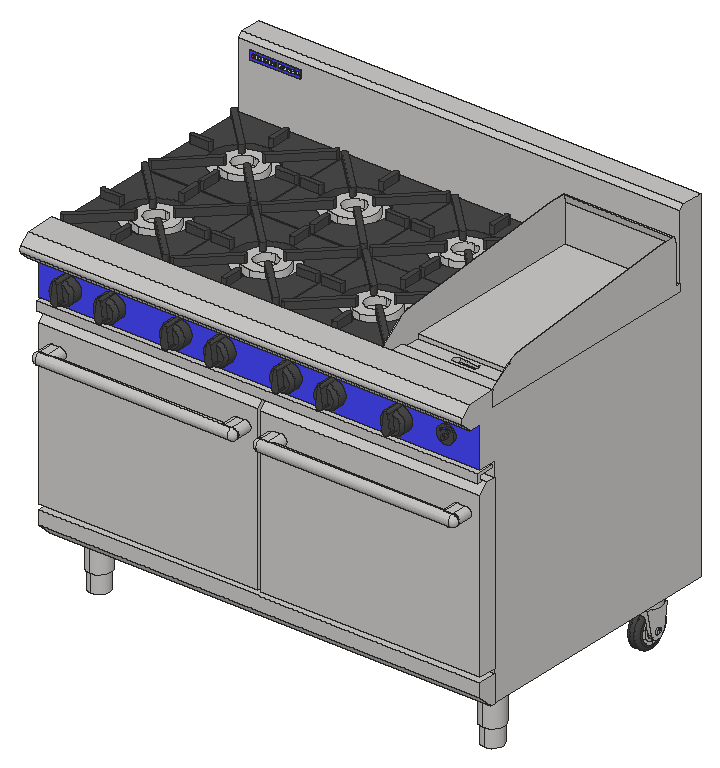
Revit family "QF_MOFFAT_BLUESEAL_CE_G528C", category Specialty Equipment, Revit 2012
Parameters
  Width = 1200 mm
  Weight in Pounds = 664  # constant formula
  URL Cutsheet = "www.moffat.com"
  URL = "www.moffat.com"
  Type Mark [instance] = ""
  Status [instance] = ""
  Specification by User [instance] = ""
  Specification by Manufacturer = ""
  Show Logo [instance] = yes
  Show Clearance [instance] = yes
  Show Casters [instance] = yes
  Serial Number = ""
  Seismic Rating = ""
  SMACNA No = ""
  Revision Code [instance] = ""
  Omniclass Number and Title = ""
  NAFEM Spec ID Number = ""
  Model = "G528C"
  Mechanical Remarks = ""
  Mechanical Connection Type [instance] = ""
  Masterspec = ""
  Manufacturer = "MOFFAT BLUESEAL"
  Legs [instance] = not(Show Casters)  # no
  Item Number [instance] = ""
  Installed By [instance] = ""
  Identify Quantity as Lot [instance] = yes
  Height = 970 mm
  Gas Size = 3/4"
  Gas RI Height [instance] = 0 mm
  Gas KW [instance] = 65.5
  Gas Input [instance] = 223684.0 Btu/h
  Gas Connection Height = 0 mm
  Furnished By [instance] = ""
  Foodservice Equipment Identifier [instance] = yes
  Description = "1200MM GAS RANGE WITH DOUBLE STATIC OVENS"
  Depth = 812 mm
  CSI MasterFormat = ""
  CSI Master Format = ""
  Body Finish = QF_Finishes_Stainless Steel
Reference planes
  plane 1 "BACK": y = 0
  plane 2: z = 0
  plane 3 "LEFT": x = 0
  plane 4 "RIGHT": x = 1200
  plane 5 "FRONT": y = -812
  plane 6 "TOP": z = 970
  plane 7 "Center Y": x = 600
  plane 8 "Center X": y = -406
  plane 9: y = -805
  plane 10: y = -32
  plane 11: z = 655
  plane 12: z = 1085
  plane 13: y = -100
  plane 14: y = -625
  plane 15: x = 1134.5
  plane 16: x = 65.5
Forms (mm)
  Extrusion 1, solid, material "QF_Finishes_Stainless Steel" <- "Body Finish"
    sketch origin (0, 0, 0) x (0, 1, 0) y (0, 0, 1)
      loop
        line (0, 150) -> (0, 1085) -> (-57.5, 1085) -> (-70, 1072.5) -> (-70, 875) -> (-705, 875) -> (-705, 915) -> (-783.97, 915) -> (-808.485, 890.485)
        arc (-808.485, 890.485) -> (-811.999, 882) -> (-808.485, 873.515) r 12
        line (-808.485, 873.515) -> (-784.97, 850) -> (-749, 850) -> (-749, 740) -> (-699, 740) -> (-699, 150) -> (0, 150)
      loop
        line (-756, 710) -> (-747.224, 710) -> (-749.613, 726.999) -> (-707.93, 726.999) -> (-707.93, 734.003) -> (-756, 734.003) -> (-756, 710)
      loop
        line (-749, 186) -> (-713, 150) -> (-700, 150) -> (-700, 222.5) -> (-749, 222.5) -> (-749, 186)
    from 0 to 1200
  Extrusion 2, solid, material "QF_Finishes_Stainless Steel"
    sketch origin (0, 0, 0) x (0, 1, 0) y (0, 0, 1)
      loop
        line (-749, 676) -> (-749, 235) -> (-700, 235) -> (-700, 700) -> (-725, 700) -> (-749, 676)
    from 0 to 1200
  Revolve 3, solid, material "QF_Finishes_Stainless Steel" <- "Body Finish"
    sketch origin (1134.5, -696.126, 0) x (0, 1, 0) y (0, 0, -1)
      loop
        line (39.376, -150) -> (71.126, -150) -> (71.126, 0) -> (43.626, 0) -> (43.626, -50) -> (39.376, -50) -> (39.376, -150)
      axis (71.126, -150) -> (71.126, 0)
    angle from 0 to 360
  Revolve 4, solid, material "QF_Finishes_Stainless Steel" <- "Body Finish"
    sketch origin (65.5, -696.126, 0) x (0, 1, 0) y (0, 0, 1)
      loop
        line (39.376, 150) -> (39.376, 50) -> (43.626, 50) -> (43.626, 0) -> (71.126, 0) -> (71.126, 150) -> (39.376, 150)
      axis (71.126, 150) -> (71.126, 0)
    angle from 0 to 360
  Extrusion 5, solid, material "QF_Finishes_Stainless Steel"
    sketch origin (-64.5, 0, 325) x (1, 0, 0) y (0, 1, 0)
      loop
        circle (1134.5, -34) r 10
    from 330 to 374.856
  Revolve 6, solid, material "QF_Finishes_Black"
    sketch origin (90.337, 45.874, -0.078) x (0, 1, 0) y (0, 0, -1)
      loop
        line (-827.874, -829.5) -> (-804.874, -829.5) -> (-804.874, -802) -> (-794.874, -802) -> (-794.874, -797) -> (-838.874, -797) -> (-838.874, -823.651) -> (-827.874, -829.5)
      axis (-838.874, -797) -> (-794.874, -797)
    angle from 0 to 360
  Revolve 7, solid, material "QF_Finishes_Black"
    sketch origin (210.649, 45.874, -0.078) x (0, 1, 0) y (0, 0, -1)
      loop
        line (-827.874, -829.5) -> (-804.874, -829.5) -> (-804.874, -802) -> (-794.874, -802) -> (-794.874, -797) -> (-838.874, -797) -> (-838.874, -823.651) -> (-827.874, -829.5)
      axis (-838.874, -797) -> (-794.874, -797)
    angle from 0 to 360
  Extrusion 8, solid, material "QF_Finishes_Black"
    sketch origin (238.144, 0, -0.078) x (-1, 0, 0) y (0, 0, -1)
      loop
        line (137.724, -786.273) -> (143.145, -829.191)
        arc (143.145, -829.191) -> (148.144, -834.078) -> (153.142, -829.191) r 5
        line (153.142, -829.191) -> (158.631, -785.106)
        arc (158.631, -785.106) -> (147.559, -774.607) -> (137.724, -786.273) r 10.487
    from 759 to 808
  Extrusion 9, void
    sketch origin (0, -756, 676) x (0, 0, 1) y (1, 0, 0)
      loop
        line (24, 595.449) -> (24, 604.551) -> (-453.5, 604.551) -> (-453.5, 595.449) -> (24, 595.449)
    from 0 to 51
  Revolve 10, solid, material "QF_Finishes_Black"
    sketch origin (390.649, 45.874, -0.078) x (0, 1, 0) y (0, 0, -1)
      loop
        line (-827.874, -829.5) -> (-804.874, -829.5) -> (-804.874, -802) -> (-794.874, -802) -> (-794.874, -797) -> (-838.874, -797) -> (-838.874, -823.651) -> (-827.874, -829.5)
      axis (-838.874, -797) -> (-794.874, -797)
    angle from 0 to 360
  Revolve 11, solid, material "QF_Finishes_Black"
    sketch origin (510.625, 45.874, -0.078) x (0, 1, 0) y (0, 0, -1)
      loop
        line (-827.874, -829.5) -> (-804.874, -829.5) -> (-804.874, -802) -> (-794.874, -802) -> (-794.874, -797) -> (-838.874, -797) -> (-838.874, -823.651) -> (-827.874, -829.5)
      axis (-838.874, -797) -> (-794.874, -797)
    angle from 0 to 360
  Revolve 12, solid, material "QF_Finishes_Black"
    sketch origin (690.649, 45.874, -0.078) x (0, 1, 0) y (0, 0, -1)
      loop
        line (-827.874, -829.5) -> (-804.874, -829.5) -> (-804.874, -802) -> (-794.874, -802) -> (-794.874, -797) -> (-838.874, -797) -> (-838.874, -823.651) -> (-827.874, -829.5)
      axis (-838.874, -797) -> (-794.874, -797)
    angle from 0 to 360
  Revolve 13, solid, material "QF_Finishes_Black"
    sketch origin (810.337, 45.874, -0.078) x (0, 1, 0) y (0, 0, -1)
      loop
        line (-827.874, -829.5) -> (-804.874, -829.5) -> (-804.874, -802) -> (-794.874, -802) -> (-794.874, -797) -> (-838.874, -797) -> (-838.874, -823.651) -> (-827.874, -829.5)
      axis (-838.874, -797) -> (-794.874, -797)
    angle from 0 to 360
  Revolve 14, solid, material "QF_Finishes_Black"
    sketch origin (990.649, 45.874, -0.078) x (0, 1, 0) y (0, 0, -1)
      loop
        line (-827.874, -829.5) -> (-804.874, -829.5) -> (-804.874, -802) -> (-794.874, -802) -> (-794.874, -797) -> (-838.874, -797) -> (-838.874, -823.651) -> (-827.874, -829.5)
      axis (-838.874, -797) -> (-794.874, -797)
    angle from 0 to 360
  Extrusion 15, solid, material "QF_Door-Drawer Clearances", visible <- "Show Clearance", detail levels coarse
    sketch origin (762.865, 0, 0) x (0, 1, 0) y (0, 0, 1)
      loop
        arc (-756, 697.347) -> (-1088.232, 559.732) -> (-1225.847, 227.5) r 469.847
        line (-1225.847, 227.5) -> (-756, 227.5) -> (-756, 697.347)
    from -167.415 to -762.865
  Extrusion 16, solid, material "QF_Door-Drawer Clearances", visible <- "Show Clearance", detail levels coarse
    sketch origin (437.135, 0, 0) x (0, 1, 0) y (0, 0, -1)
      loop
        line (-756, -697.347) -> (-756, -227.5) -> (-1225.847, -227.5)
        arc (-1225.847, -227.5) -> (-1088.232, -559.732) -> (-756, -697.347) r 469.847
    from -167.415 to -762.865
  Extrusion 17, void
    sketch origin (0, 0, 150) x (-1, 0, 0) y (0, -1, 0)
      loop
        line (-1133.988, 87.26) -> (-1133.988, -30.24) -> (-1004.488, -30.24) -> (-1004.488, 38.76) -> (-1052.988, 87.26) -> (-1133.988, 87.26)
    from 72.5 to 549.856
  Extrusion 18, solid, material "QF_Finishes_Stainless Steel"
    sketch origin (0, -749, 227.5) x (0, 0, 1) y (-1, 0, 0)
      loop
        line (380.625, -38.246) -> (380.625, -58.528)
        arc (380.625, -58.528) -> (395.625, -73.528) -> (410.625, -58.528) r 15
        line (410.625, -58.528) -> (410.625, -38.246)
        arc (410.625, -38.246) -> (395.625, -23.246) -> (380.625, -38.246) r 15
      loop
        arc (380.625, -560.539) -> (395.625, -575.539) -> (410.625, -560.539) r 15
        line (410.625, -560.539) -> (410.625, -540.257)
        arc (410.625, -540.257) -> (395.625, -525.257) -> (380.625, -540.257) r 15
        line (380.625, -540.257) -> (380.625, -560.539)
    from 0 to 44
  Revolve 19, solid, material "QF_Finishes_Stainless Steel"
    sketch origin (0, -793, 0) x (1, 0, 0) y (0, 0, 1)
      loop
        arc (575.852, 623.125) -> (571.458, 633.732) -> (560.852, 638.125) r 15
        line (560.852, 638.125) -> (38.246, 638.125)
        arc (38.246, 638.125) -> (27.64, 633.732) -> (23.246, 623.125) r 15
        line (23.246, 623.125) -> (575.852, 623.125)
      axis (575.852, 623.125) -> (23.246, 623.125)
    angle from 0 to 360
  Extrusion 20, solid, material "QF_Finishes_Stainless Steel"
    sketch origin (600, -749, 227.5) x (0, 0, 1) y (-1, 0, 0)
      loop
        line (380.625, -38.246) -> (380.625, -58.528)
        arc (380.625, -58.528) -> (395.625, -73.528) -> (410.625, -58.528) r 15
        line (410.625, -58.528) -> (410.625, -38.246)
        arc (410.625, -38.246) -> (395.625, -23.246) -> (380.625, -38.246) r 15
      loop
        arc (380.625, -560.539) -> (395.625, -575.539) -> (410.625, -560.539) r 15
        line (410.625, -560.539) -> (410.625, -540.257)
        arc (410.625, -540.257) -> (395.625, -525.257) -> (380.625, -540.257) r 15
        line (380.625, -540.257) -> (380.625, -560.539)
    from 0 to 44
  Revolve 21, solid, material "QF_Finishes_Stainless Steel"
    sketch origin (600, -793, 0) x (1, 0, 0) y (0, 0, 1)
      loop
        arc (575.852, 623.125) -> (571.458, 633.732) -> (560.852, 638.125) r 15
        line (560.852, 638.125) -> (38.246, 638.125)
        arc (38.246, 638.125) -> (27.64, 633.732) -> (23.246, 623.125) r 15
        line (23.246, 623.125) -> (575.852, 623.125)
      axis (575.852, 623.125) -> (23.246, 623.125)
    angle from 0 to 360
  Revolve 22, solid, material "QF_Finishes_Stainless Steel", visible <- "Legs"
    sketch origin (65.5, -166, 0) x (0, 1, 0) y (0, 0, 1)
      loop
        line (34.25, 150) -> (34.25, 50) -> (38.5, 50) -> (38.5, 0) -> (66, 0) -> (66, 150) -> (34.25, 150)
      axis (66, 150) -> (66, 0)
    angle from 0 to 360
  Revolve 23, solid, material "QF_Finishes_Stainless Steel", visible <- "Show Casters"
    sketch origin (16.276, -100.755, -12.8) x (1, 0, 0) y (0, 0, 1)
      loop
        line (14.841, 63.604) -> (83.584, 63.604) -> (83.584, 67.109) -> (82.314, 68.379) -> (80.79, 68.379) -> (80.79, 71.826) -> (68.644, 71.826) -> (68.644, 81.79) -> (65.088, 83.843) -> (63.738, 92.179) -> (65.881, 92.179) -> (65.881, 98.529) -> (65.088, 98.529) -> (65.088, 104.879)
        arc (65.088, 104.879) -> (62.298, 111.614) -> (55.563, 114.404) r 9.525
        line (55.563, 114.404) -> (42.863, 114.404)
        arc (42.863, 114.404) -> (36.127, 111.614) -> (33.338, 104.879) r 9.525
        line (33.338, 104.879) -> (33.338, 98.529) -> (32.544, 98.529) -> (32.544, 92.179) -> (34.687, 92.179) -> (33.352, 83.932) -> (29.782, 81.871) -> (29.782, 71.826) -> (17.635, 71.826) -> (17.635, 68.379) -> (16.111, 68.379) -> (14.841, 67.109) -> (14.841, 63.604)
      axis (14.841, 63.604) -> (83.584, 63.604)
    angle from 0 to 360
  Extrusion 24, solid, material "QF_Finishes_Stainless Steel", visible <- "Show Casters"
    sketch origin (72.001, 132.353, -8.783) x (0, 1, 0) y (0, 0, 1)
      loop
        line (-200.603, 118.783) -> (-264.103, 118.783) -> (-251.746, 53.895)
        arc (-251.746, 53.895) -> (-232.353, 38.783) -> (-212.959, 53.895) r 20
        line (-212.959, 53.895) -> (-200.603, 118.783)
    from -35.667 to 22.923
  Revolve 25, solid, material "QF_Finishes_Stainless Steel", visible <- "Show Casters"
    sketch origin (65.5, -204, 0) x (0, 1, 0) y (0, 0, 1)
      loop
        line (68.25, 150) -> (68.25, 110) -> (104, 110) -> (104, 150) -> (68.25, 150)
      axis (104, 150) -> (104, 110)
    angle from 0 to 360
  Revolve 26, solid, material "QF_Finishes_Stainless Steel", visible <- "Legs"
    sketch origin (65.5, -166, 0) x (0, 1, 0) y (0, 0, 1)
      loop
        line (34.25, 150) -> (34.25, 50) -> (38.5, 50) -> (38.5, 0) -> (66, 0) -> (66, 150) -> (34.25, 150)
      axis (66, 150) -> (66, 0)
    angle from 0 to 360
  Revolve 27, solid, material "QF_Finishes_Stainless Steel", visible <- "Legs"
    sketch origin (1134.5, -166, 0) x (0, 1, 0) y (0, 0, -1)
      loop
        line (34.25, -150) -> (66, -150) -> (66, 0) -> (38.5, 0) -> (38.5, -50) -> (34.25, -50) -> (34.25, -150)
      axis (66, -150) -> (66, 0)
    angle from 0 to 360
  Revolve 28, solid, material "QF_Finishes_Stainless Steel", visible <- "Show Casters"
    sketch origin (1183.724, -100.755, -12.8) x (-1, 0, 0) y (0, 0, -1)
      loop
        line (14.841, -63.604) -> (14.841, -67.109) -> (16.111, -68.379) -> (17.635, -68.379) -> (17.635, -71.826) -> (29.782, -71.826) -> (29.782, -81.871) -> (33.352, -83.932) -> (34.687, -92.179) -> (32.544, -92.179) -> (32.544, -98.529) -> (33.338, -98.529) -> (33.338, -104.879)
        arc (33.338, -104.879) -> (36.127, -111.614) -> (42.863, -114.404) r 9.525
        line (42.863, -114.404) -> (55.563, -114.404)
        arc (55.563, -114.404) -> (62.298, -111.614) -> (65.088, -104.879) r 9.525
        line (65.088, -104.879) -> (65.088, -98.529) -> (65.881, -98.529) -> (65.881, -92.179) -> (63.738, -92.179) -> (65.088, -83.843) -> (68.644, -81.79) -> (68.644, -71.826) -> (80.79, -71.826) -> (80.79, -68.379) -> (82.314, -68.379) -> (83.584, -67.109) -> (83.584, -63.604) -> (14.841, -63.604)
      axis (14.841, -63.604) -> (83.584, -63.604)
    angle from 0 to 360
  Extrusion 29, solid, material "QF_Finishes_Stainless Steel", visible <- "Show Casters"
    sketch origin (1127.999, 132.353, -8.783) x (0, 1, 0) y (0, 0, -1)
      loop
        line (-200.603, -118.783) -> (-212.959, -53.895)
        arc (-212.959, -53.895) -> (-232.353, -38.783) -> (-251.746, -53.895) r 20
        line (-251.746, -53.895) -> (-264.103, -118.783) -> (-200.603, -118.783)
    from -35.667 to 22.923
  Revolve 30, solid, material "QF_Finishes_Stainless Steel", visible <- "Show Casters"
    sketch origin (1134.5, -204, 0) x (0, 1, 0) y (0, 0, -1)
      loop
        line (68.25, -150) -> (104, -150) -> (104, -110) -> (68.25, -110) -> (68.25, -150)
      axis (104, -150) -> (104, -110)
    angle from 0 to 360
  Revolve 31, solid, material "QF_Finishes_Stainless Steel", visible <- "Legs"
    sketch origin (1134.5, -166, 0) x (0, 1, 0) y (0, 0, -1)
      loop
        line (34.25, -150) -> (66, -150) -> (66, 0) -> (38.5, 0) -> (38.5, -50) -> (34.25, -50) -> (34.25, -150)
      axis (66, -150) -> (66, 0)
    angle from 0 to 360
  Extrusion 32, solid, material "QF_Finishes_Black"
    sketch origin (358.456, 0, -0.078) x (-1, 0, 0) y (0, 0, -1)
      loop
        line (137.724, -786.273) -> (143.145, -829.191)
        arc (143.145, -829.191) -> (148.144, -834.078) -> (153.142, -829.191) r 5
        line (153.142, -829.191) -> (158.631, -785.106)
        arc (158.631, -785.106) -> (147.559, -774.607) -> (137.724, -786.273) r 10.487
    from 759 to 808
  Extrusion 33, solid, material "QF_Finishes_Black"
    sketch origin (538.456, 0, -0.078) x (-1, 0, 0) y (0, 0, -1)
      loop
        line (137.724, -786.273) -> (143.145, -829.191)
        arc (143.145, -829.191) -> (148.144, -834.078) -> (153.142, -829.191) r 5
        line (153.142, -829.191) -> (158.631, -785.106)
        arc (158.631, -785.106) -> (147.559, -774.607) -> (137.724, -786.273) r 10.487
    from 759 to 808
  Extrusion 34, solid, material "QF_Finishes_Black"
    sketch origin (658.432, 0, -0.078) x (-1, 0, 0) y (0, 0, -1)
      loop
        line (137.724, -786.273) -> (143.145, -829.191)
        arc (143.145, -829.191) -> (148.144, -834.078) -> (153.142, -829.191) r 5
        line (153.142, -829.191) -> (158.631, -785.106)
        arc (158.631, -785.106) -> (147.559, -774.607) -> (137.724, -786.273) r 10.487
    from 759 to 808
  Extrusion 35, solid, material "QF_Finishes_Black"
    sketch origin (838.456, 0, -0.078) x (-1, 0, 0) y (0, 0, -1)
      loop
        line (137.724, -786.273) -> (143.145, -829.191)
        arc (143.145, -829.191) -> (148.144, -834.078) -> (153.142, -829.191) r 5
        line (153.142, -829.191) -> (158.631, -785.106)
        arc (158.631, -785.106) -> (147.559, -774.607) -> (137.724, -786.273) r 10.487
    from 759 to 808
  Extrusion 36, solid, material "QF_Finishes_Black"
    sketch origin (958.144, 0, -0.078) x (-1, 0, 0) y (0, 0, -1)
      loop
        line (137.724, -786.273) -> (143.145, -829.191)
        arc (143.145, -829.191) -> (148.144, -834.078) -> (153.142, -829.191) r 5
        line (153.142, -829.191) -> (158.631, -785.106)
        arc (158.631, -785.106) -> (147.559, -774.607) -> (137.724, -786.273) r 10.487
    from 759 to 808
  Extrusion 37, solid, material "QF_Finishes_Black"
    sketch origin (1138.456, 0, -0.078) x (-1, 0, 0) y (0, 0, -1)
      loop
        line (137.724, -786.273) -> (143.145, -829.191)
        arc (143.145, -829.191) -> (148.144, -834.078) -> (153.142, -829.191) r 5
        line (153.142, -829.191) -> (158.631, -785.106)
        arc (158.631, -785.106) -> (147.559, -774.607) -> (137.724, -786.273) r 10.487
    from 759 to 808
  Extrusion 38, solid, material "QF_Finishes_Black"
    sketch origin (0, -749, 850) x (0, 0, -1) y (1, 0, 0)
      loop
        circle (53, 1110) r 23.9
      loop
        arc (45.641, 1118.419) -> (46.501, 1123.219) -> (41.701, 1124.079) r 3.448
        arc (41.701, 1124.079) -> (35.116, 1109.341) -> (42.919, 1095.209) r 18.095
        arc (42.919, 1095.209) -> (47.641, 1096.491) -> (46.326, 1101.204) r 3.448
        arc (46.326, 1101.204) -> (42.758, 1109.683) -> (45.641, 1118.419) r 13.109
    from 0 to 5
  Extrusion 39, solid, material "QF_Finishes_Black"
    sketch origin (0, -754, 850) x (0, 0, -1) y (1, 0, 0)
      loop
        circle (56.5, 1110) r 5.75
    from 0 to 10
Cuts and joins
  Extrusion 9, Extrusion 17 cuts Extrusion 1
  Extrusion 9 cuts Extrusion 2
Lines and regions (mm)
  Split face 1
    outline origin (1200, 0, 1085) x (-1, 0, 0) y (0, -1, 0)
      loop
        arc (35.206, 45.385) -> (26.545, 40.385) -> (26.545, 30.385) r 10
        line (26.545, 30.385) -> (30.587, 23.385)
        arc (30.587, 23.385) -> (34.247, 19.725) -> (39.247, 18.385) r 10
        line (39.247, 18.385) -> (267.206, 18.385)
        arc (267.206, 18.385) -> (275.866, 23.385) -> (275.866, 33.385) r 10
        line (275.866, 33.385) -> (271.824, 40.385)
        arc (271.824, 40.385) -> (268.164, 44.045) -> (263.164, 45.385) r 10
        line (263.164, 45.385) -> (35.206, 45.385)
  Split face 2
    outline origin (1200, 0, 1085) x (-1, 0, 0) y (0, -1, 0)
      loop
        arc (335.206, 45.385) -> (326.545, 40.385) -> (326.545, 30.385) r 10
        line (326.545, 30.385) -> (330.587, 23.385)
        arc (330.587, 23.385) -> (334.247, 19.725) -> (339.247, 18.385) r 10
        line (339.247, 18.385) -> (567.206, 18.385)
        arc (567.206, 18.385) -> (575.866, 23.385) -> (575.866, 33.385) r 10
        line (575.866, 33.385) -> (571.824, 40.385)
        arc (571.824, 40.385) -> (568.164, 44.045) -> (563.164, 45.385) r 10
        line (563.164, 45.385) -> (335.206, 45.385)
  Split face 3
    outline origin (1200, 0, 1085) x (-1, 0, 0) y (0, -1, 0)
      loop
        arc (635.206, 45.385) -> (626.545, 40.385) -> (626.545, 30.385) r 10
        line (626.545, 30.385) -> (630.587, 23.385)
        arc (630.587, 23.385) -> (634.247, 19.725) -> (639.247, 18.385) r 10
        line (639.247, 18.385) -> (867.206, 18.385)
        arc (867.206, 18.385) -> (875.866, 23.385) -> (875.866, 33.385) r 10
        line (875.866, 33.385) -> (871.824, 40.385)
        arc (871.824, 40.385) -> (868.164, 44.045) -> (863.164, 45.385) r 10
        line (863.164, 45.385) -> (635.206, 45.385)
  Split face 4
    outline origin (1200, 0, 1085) x (-1, 0, 0) y (0, -1, 0)
      loop
        arc (935.206, 45.385) -> (926.545, 40.385) -> (926.545, 30.385) r 10
        line (926.545, 30.385) -> (930.587, 23.385)
        arc (930.587, 23.385) -> (934.247, 19.725) -> (939.247, 18.385) r 10
        line (939.247, 18.385) -> (1167.206, 18.385)
        arc (1167.206, 18.385) -> (1175.866, 23.385) -> (1175.866, 33.385) r 10
        line (1175.866, 33.385) -> (1171.824, 40.385)
        arc (1171.824, 40.385) -> (1168.164, 44.045) -> (1163.164, 45.385) r 10
        line (1163.164, 45.385) -> (935.206, 45.385)
  symbolic lines, style "QF_Door-Drawer Clearances", visible <- "Show Clearance"
    curve 1: line (0, -1225.847, 0) -> (595.449, -1225.847, 0)
    curve 2: line (595.449, -1225.847, 0) -> (595.449, -812, 0)
    curve 3: line (0, -1225.847, 0) -> (0, -812, 0)
    curve 4: line (1200, -1225.847, 0) -> (604.551, -1225.847, 0)
    curve 5: line (604.551, -1225.847, 0) -> (604.551, -812, 0)
    curve 6: line (1200, -1225.847, 0) -> (1200, -812, 0)
  symbolic lines, style "SpecialityEquipmentHiddenLines", visible <- "Show Casters"
    curve 7: line (78.456, -46.735, 0) -> (105.952, -62.61, 0)
    curve 8: line (27.656, -134.723, 0) -> (78.456, -46.735, 0)
    curve 9: line (55.152, -150.598, 0) -> (27.656, -134.723, 0)
    curve 10: line (105.952, -62.61, 0) -> (55.152, -150.598, 0)
    curve 11: line (1125.152, -150.598, 0) -> (1097.656, -134.723, 0)
    curve 12: line (1175.952, -62.61, 0) -> (1125.152, -150.598, 0)
    curve 13: line (1148.456, -46.735, 0) -> (1097.656, -134.723, 0)
    curve 14: line (1175.952, -62.61, 0) -> (1148.456, -46.735, 0)
  symbolic lines
    curve 15: line (32.794, -18.385, 0) -> (260.753, -18.385, 0)
    curve 16: arc (260.753, -18.385, 0) -> (265.753, -19.725, 0) -> (269.413, -23.385, 0) r 10
    curve 17: line (269.413, -23.385, 0) -> (273.455, -30.385, 0)
    curve 18: arc (273.455, -30.385, 0) -> (273.455, -40.385, 0) -> (264.794, -45.385, 0) r 10
    curve 19: line (264.794, -45.385, 0) -> (36.836, -45.385, 0)
    curve 20: arc (36.836, -45.385, 0) -> (31.836, -44.045, 0) -> (28.176, -40.385, 0) r 10
    curve 21: line (28.176, -40.385, 0) -> (24.134, -33.385, 0)
    curve 22: arc (24.134, -33.385, 0) -> (24.134, -23.385, 0) -> (32.794, -18.385, 0) r 10
    curve 23: line (332.794, -18.385, 0) -> (560.753, -18.385, 0)
    curve 24: arc (560.753, -18.385, 0) -> (565.753, -19.725, 0) -> (569.413, -23.385, 0) r 10
    curve 25: line (569.413, -23.385, 0) -> (573.455, -30.385, 0)
    curve 26: arc (573.455, -30.385, 0) -> (573.455, -40.385, 0) -> (564.794, -45.385, 0) r 10
    curve 27: line (564.794, -45.385, 0) -> (336.836, -45.385, 0)
    curve 28: arc (336.836, -45.385, 0) -> (331.836, -44.045, 0) -> (328.176, -40.385, 0) r 10
    curve 29: line (328.176, -40.385, 0) -> (324.134, -33.385, 0)
    curve 30: arc (324.134, -33.385, 0) -> (324.134, -23.385, 0) -> (332.794, -18.385, 0) r 10
    curve 31: line (860.753, -18.385, 0) -> (632.794, -18.385, 0)
    curve 32: arc (632.794, -18.385, 0) -> (624.134, -23.385, 0) -> (624.134, -33.385, 0) r 10
    curve 33: line (624.134, -33.385, 0) -> (628.176, -40.385, 0)
    curve 34: arc (628.176, -40.385, 0) -> (631.836, -44.045, 0) -> (636.836, -45.385, 0) r 10
    curve 35: line (636.836, -45.385, 0) -> (864.794, -45.385, 0)
    curve 36: arc (864.794, -45.385, 0) -> (873.455, -40.385, 0) -> (873.455, -30.385, 0) r 10
    curve 37: line (873.455, -30.385, 0) -> (869.413, -23.385, 0)
    curve 38: arc (869.413, -23.385, 0) -> (865.753, -19.725, 0) -> (860.753, -18.385, 0) r 10
    curve 39: line (1160.753, -18.385, 0) -> (932.794, -18.385, 0)
    curve 40: arc (932.794, -18.385, 0) -> (924.134, -23.385, 0) -> (924.134, -33.385, 0) r 10
    curve 41: line (924.134, -33.385, 0) -> (928.176, -40.385, 0)
    curve 42: arc (928.176, -40.385, 0) -> (931.836, -44.045, 0) -> (936.836, -45.385, 0) r 10
    curve 43: line (936.836, -45.385, 0) -> (1164.794, -45.385, 0)
    curve 44: arc (1164.794, -45.385, 0) -> (1173.455, -40.385, 0) -> (1173.455, -30.385, 0) r 10
    curve 45: line (1173.455, -30.385, 0) -> (1169.413, -23.385, 0)
    curve 46: arc (1169.413, -23.385, 0) -> (1165.753, -19.725, 0) -> (1160.753, -18.385, 0) r 10
    curve 47: line (0, -783.97, 0) -> (1200, -783.97, 0)
    curve 48: line (0, -812, 0) -> (1200, -812, 0)
    curve 49: line (1200, 0, 0) -> (0, 0, 0)
    curve 50: line (0, 0, 0) -> (0, -812, 0)
    curve 51: line (0, -57.5, 0) -> (1200, -57.5, 0)
    curve 52: line (0, -70, 0) -> (1200, -70, 0)
    curve 53: line (1200, -812, 0) -> (1200, 0, 0)
Dimensions and locks
  equal spacing: plane 3 "LEFT", plane 7 "Center Y", plane 4 "RIGHT"
  "Width": plane 3 "LEFT" to plane 4 "RIGHT"
  equal spacing: plane 5 "FRONT", plane 8 "Center X", plane 1 "BACK"
  "Depth": plane 5 "FRONT" to plane 1 "BACK"
  equal spacing: plane 4 "RIGHT", plane 7 "Center Y", plane 3 "LEFT"
  plane 4 "RIGHT" to plane 3 "LEFT" = 1200 mm
  "Height": plane 6 "TOP" to level
  plane 5 "FRONT" to plane 1 "BACK" = 812 mm
  plane 9 to plane 5 "FRONT" = 7 mm
  plane 6 "TOP" to plane 2 = 970 mm
  plane 12 to plane 2 = 1085 mm
  Extrusion 5 sketch curve to plane 4 "RIGHT" = 130 mm
  Extrusion 5 sketch curve to plane 1 "BACK" = 34 mm
  level to Extrusion 5 = 655 mm
  Revolve 23 sketch curve to Revolve 23 sketch curve = 50.8 mm
  Revolve 28 sketch curve to Revolve 28 sketch curve = 50.8 mm
  aligned and locked: level to plane 2
  aligned and locked: Extrusion 1 to plane 4 "RIGHT"
  aligned and locked: Extrusion 2 to plane 4 "RIGHT"
  aligned and locked: cut or joined group of Extrusion 2, Extrusion 9 to Extrusion 15
Automatic sketch dimensions
  Extrusion 1 sketch curve to plane 12 = 0 mm
  Extrusion 1 sketch curve to plane 1 "BACK" = 0 mm
  Extrusion 1 sketch curve to plane 10 = 25.5 mm
  plane 13 to Extrusion 1 sketch curve = 30 mm
  Extrusion 1 sketch curve to plane 14 = 74 mm
  Extrusion 1 sketch curve to Extrusion 1 sketch curve = 1 mm
  Extrusion 1 sketch curve to plane 14 = 80 mm
  Extrusion 1 sketch curve to Extrusion 1 sketch curve = 8.93 mm
  Extrusion 1 sketch curve to Extrusion 1 sketch curve = 13 mm
  Extrusion 1 sketch curve to Extrusion 1 sketch curve = 39.294 mm
  Extrusion 1 sketch curve to Extrusion 1 sketch curve = 36 mm  (x2)
  Extrusion 1 sketch curve to Extrusion 1 sketch curve = 44 mm
  Extrusion 1 sketch curve to Extrusion 1 sketch curve = 0.613 mm
  Extrusion 1 sketch curve to Extrusion 1 sketch curve = 8.776 mm
  plane 9 to Extrusion 1 sketch curve = 21.03 mm
  plane 9 to Extrusion 1 sketch curve = 20.03 mm
  plane 9 to Extrusion 1 sketch curve = 5.001 mm
  Extrusion 1 sketch curve to plane 9 = 3.485 mm  (x2)
  Extrusion 1 sketch curve to plane 12 = 12.5 mm
  Extrusion 1 sketch curve to plane 6 "TOP" = 55 mm
  Extrusion 1 sketch curve to Extrusion 1 sketch curve = 24.515 mm
  Extrusion 1 sketch curve to Extrusion 1 sketch curve = 8.485 mm
  Extrusion 1 sketch curve to Extrusion 1 sketch curve = 40 mm
  Extrusion 1 sketch curve to Extrusion 1 sketch curve = 25 mm
  plane 11 to Extrusion 1 sketch curve = 85 mm
  Extrusion 1 sketch curve to Extrusion 1 sketch curve = 5.997 mm
  Extrusion 1 sketch curve to Extrusion 1 sketch curve = 7.004 mm
  Extrusion 1 sketch curve to Extrusion 1 sketch curve = 16.999 mm
  level to Extrusion 1 sketch curve = 222.5 mm
  Extrusion 1 sketch curve to Extrusion 1 sketch curve = 36.5 mm
  Extrusion 1 sketch curve to Extrusion 1 sketch curve = 0 mm
  plane 11 to Extrusion 2 sketch curve = 21 mm
  plane 9 to Extrusion 2 sketch curve = 56 mm
  Extrusion 2 sketch curve to Extrusion 2 sketch curve = 24 mm  (x2)
  Extrusion 2 sketch curve to Extrusion 2 sketch curve = 25 mm
  level to Extrusion 2 sketch curve = 235 mm
  Revolve 3 sketch curve to level = 0 mm
  Revolve 3 sketch curve to plane 14 = 0 mm  (x2)
  Revolve 3 sketch curve to Revolve 3 sketch curve = 27.5 mm
  Revolve 3 sketch curve to Revolve 3 sketch curve = 31.75 mm
  level to Revolve 3 sketch curve = 50 mm
  Revolve 3 sketch curve to Revolve 3 sketch curve = 0 mm
  Revolve 3 sketch curve to Revolve 3 sketch curve = 100 mm
  Revolve 3 sketch curve to Revolve 3 sketch curve = 55 mm
  Revolve 4 sketch curve to level = 0 mm
  Revolve 4 sketch curve to plane 14 = 0 mm  (x2)
  Revolve 4 sketch curve to Revolve 4 sketch curve = 27.5 mm
  Revolve 4 sketch curve to Revolve 4 sketch curve = 31.75 mm
  Revolve 4 sketch curve to level = 55 mm
  Revolve 4 sketch curve to Revolve 4 sketch curve = 50 mm
  Revolve 4 sketch curve to Revolve 4 sketch curve = 0 mm
  Revolve 4 sketch curve to Revolve 4 sketch curve = 100 mm
  plane 9 to Revolve 6 sketch curve = 12 mm
  Revolve 6 sketch curve to Revolve 6 sketch curve = 0 mm  (x2)
  Revolve 6 sketch curve to Revolve 6 sketch curve = 11 mm
  Revolve 6 sketch curve to Revolve 6 sketch curve = 12.7 mm
  Revolve 6 sketch curve to Revolve 6 sketch curve = 23 mm
  Revolve 6 sketch curve to Revolve 6 sketch curve = 10 mm
  Revolve 6 sketch curve to plane 6 "TOP" = 140.578 mm
  Revolve 6 sketch curve to Revolve 6 sketch curve = 5.849 mm
  Revolve 6 sketch curve to Revolve 6 sketch curve = 27.5 mm
  Revolve 6 sketch curve to Revolve 6 sketch curve = 5 mm
  plane 9 to Revolve 7 sketch curve = 12 mm
  Revolve 7 sketch curve to Revolve 7 sketch curve = 0 mm  (x2)
  Revolve 7 sketch curve to Revolve 7 sketch curve = 11 mm
  Revolve 7 sketch curve to Revolve 7 sketch curve = 12.7 mm
  Revolve 7 sketch curve to Revolve 7 sketch curve = 23 mm
  Revolve 7 sketch curve to Revolve 7 sketch curve = 10 mm
  Revolve 7 sketch curve to plane 6 "TOP" = 140.578 mm
  Revolve 7 sketch curve to Revolve 7 sketch curve = 5.849 mm
  Revolve 7 sketch curve to Revolve 7 sketch curve = 27.5 mm
  Revolve 7 sketch curve to Revolve 7 sketch curve = 5 mm
  plane 16 to Extrusion 8 sketch curve = 34.919 mm
  plane 16 to Extrusion 8 sketch curve = 29.499 mm
  Extrusion 8 sketch curve to Extrusion 8 sketch curve = 10.419 mm
  Extrusion 8 sketch curve to Extrusion 8 sketch curve = 4.999 mm  (x2)
  Extrusion 8 sketch curve to Extrusion 8 sketch curve = 10.487 mm
  Extrusion 8 sketch curve to plane 6 "TOP" = 140.887 mm
  Extrusion 8 sketch curve to Extrusion 8 sketch curve = 0.113 mm
  Extrusion 8 sketch curve to Extrusion 8 sketch curve = 42.919 mm
  Extrusion 8 sketch curve to Extrusion 8 sketch curve = 1.167 mm
  plane 7 "Center Y" to Extrusion 9 sketch curve = 4.551 mm
  level to Extrusion 9 sketch curve = 222.5 mm
  plane 11 to Extrusion 9 sketch curve = 45 mm
  Extrusion 9 sketch curve to plane 7 "Center Y" = 4.551 mm
  plane 9 to Revolve 10 sketch curve = 12 mm
  Revolve 10 sketch curve to Revolve 10 sketch curve = 0 mm  (x2)
  Revolve 10 sketch curve to Revolve 10 sketch curve = 11 mm
  Revolve 10 sketch curve to Revolve 10 sketch curve = 12.7 mm
  Revolve 10 sketch curve to Revolve 10 sketch curve = 23 mm
  Revolve 10 sketch curve to Revolve 10 sketch curve = 10 mm
  Revolve 10 sketch curve to plane 6 "TOP" = 140.578 mm
  Revolve 10 sketch curve to Revolve 10 sketch curve = 5.849 mm
  Revolve 10 sketch curve to Revolve 10 sketch curve = 27.5 mm
  Revolve 10 sketch curve to Revolve 10 sketch curve = 5 mm
  plane 9 to Revolve 11 sketch curve = 12 mm
  Revolve 11 sketch curve to Revolve 11 sketch curve = 0 mm  (x2)
  Revolve 11 sketch curve to Revolve 11 sketch curve = 11 mm
  Revolve 11 sketch curve to Revolve 11 sketch curve = 12.7 mm
  Revolve 11 sketch curve to Revolve 11 sketch curve = 23 mm
  Revolve 11 sketch curve to Revolve 11 sketch curve = 10 mm
  Revolve 11 sketch curve to plane 6 "TOP" = 140.578 mm
  Revolve 11 sketch curve to Revolve 11 sketch curve = 5.849 mm
  Revolve 11 sketch curve to Revolve 11 sketch curve = 27.5 mm
  Revolve 11 sketch curve to Revolve 11 sketch curve = 5 mm
  plane 9 to Revolve 12 sketch curve = 12 mm
  Revolve 12 sketch curve to Revolve 12 sketch curve = 0 mm  (x2)
  Revolve 12 sketch curve to Revolve 12 sketch curve = 11 mm
  Revolve 12 sketch curve to Revolve 12 sketch curve = 12.7 mm
  Revolve 12 sketch curve to Revolve 12 sketch curve = 23 mm
  Revolve 12 sketch curve to Revolve 12 sketch curve = 10 mm
  Revolve 12 sketch curve to plane 6 "TOP" = 140.578 mm
  Revolve 12 sketch curve to Revolve 12 sketch curve = 5.849 mm
  Revolve 12 sketch curve to Revolve 12 sketch curve = 27.5 mm
  Revolve 12 sketch curve to Revolve 12 sketch curve = 5 mm
  plane 9 to Revolve 13 sketch curve = 12 mm
  Revolve 13 sketch curve to Revolve 13 sketch curve = 0 mm  (x2)
  Revolve 13 sketch curve to Revolve 13 sketch curve = 11 mm
  Revolve 13 sketch curve to Revolve 13 sketch curve = 12.7 mm
  Revolve 13 sketch curve to Revolve 13 sketch curve = 23 mm
  Revolve 13 sketch curve to Revolve 13 sketch curve = 10 mm
  Revolve 13 sketch curve to plane 6 "TOP" = 140.578 mm
  Revolve 13 sketch curve to Revolve 13 sketch curve = 5.849 mm
  Revolve 13 sketch curve to Revolve 13 sketch curve = 27.5 mm
  Revolve 13 sketch curve to Revolve 13 sketch curve = 5 mm
  plane 9 to Revolve 14 sketch curve = 12 mm
  Revolve 14 sketch curve to Revolve 14 sketch curve = 0 mm  (x2)
  Revolve 14 sketch curve to Revolve 14 sketch curve = 11 mm
  Revolve 14 sketch curve to Revolve 14 sketch curve = 12.7 mm
  Revolve 14 sketch curve to Revolve 14 sketch curve = 23 mm
  Revolve 14 sketch curve to Revolve 14 sketch curve = 10 mm
  Revolve 14 sketch curve to plane 6 "TOP" = 140.578 mm
  Revolve 14 sketch curve to Revolve 14 sketch curve = 5.849 mm
  Revolve 14 sketch curve to Revolve 14 sketch curve = 27.5 mm
  Revolve 14 sketch curve to Revolve 14 sketch curve = 5 mm
  plane 5 "FRONT" to Extrusion 15 sketch curve = 413.847 mm
  plane 9 to Extrusion 15 sketch curve = 49 mm
  level to Extrusion 15 sketch curve = 227.5 mm
  plane 5 "FRONT" to Extrusion 16 sketch curve = 413.847 mm
  plane 9 to Extrusion 16 sketch curve = 49 mm
  plane 11 to Extrusion 16 sketch curve = 42.347 mm
  Extrusion 17 sketch curve to plane 15 = 0.512 mm
  plane 13 to Extrusion 17 sketch curve = 12.74 mm
  Extrusion 17 sketch curve to Extrusion 17 sketch curve = 81 mm
  Extrusion 17 sketch curve to plane 10 = 6.76 mm
  Extrusion 17 sketch curve to Extrusion 17 sketch curve = 48.5 mm
  Extrusion 17 sketch curve to plane 1 "BACK" = 30.24 mm
  Extrusion 18 sketch curve to plane 16 = 6.972 mm
  Extrusion 18 sketch curve to plane 11 = 46.875 mm  (x2)
  Extrusion 18 sketch curve to Extrusion 18 sketch curve = 15 mm  (x2)
  Extrusion 18 sketch curve to plane 7 "Center Y" = 59.743 mm
  Extrusion 18 sketch curve to Extrusion 18 sketch curve = 20.282 mm  (x2)
  Revolve 19 sketch curve to plane 3 "LEFT" = 6.961 mm
  plane 3 "LEFT" to Revolve 19 sketch curve = 23.246 mm
  Revolve 19 sketch curve to plane 11 = 16.875 mm
  Revolve 19 sketch curve to Revolve 19 sketch curve = 15 mm
  Revolve 19 sketch curve to plane 7 "Center Y" = 39.148 mm
  Revolve 19 sketch curve to plane 7 "Center Y" = 11.961 mm
  Revolve 19 sketch curve to Revolve 19 sketch curve = 0 mm
  Extrusion 20 sketch curve to plane 11 = 46.875 mm  (x2)
  plane 15 to Extrusion 20 sketch curve = 5.757 mm
  Extrusion 20 sketch curve to Extrusion 20 sketch curve = 15 mm  (x2)
  Extrusion 20 sketch curve to Extrusion 20 sketch curve = 20.282 mm  (x2)
  plane 7 "Center Y" to Extrusion 20 sketch curve = 58.528 mm
  Revolve 21 sketch curve to plane 7 "Center Y" = 6.961 mm
  plane 7 "Center Y" to Revolve 21 sketch curve = 23.246 mm
  Revolve 21 sketch curve to plane 11 = 16.875 mm
  Revolve 21 sketch curve to Revolve 21 sketch curve = 15 mm
  plane 15 to Revolve 21 sketch curve = 26.352 mm
  plane 4 "RIGHT" to Revolve 21 sketch curve = 11.961 mm
  Revolve 21 sketch curve to Revolve 21 sketch curve = 0 mm
  Split face 1 sketch curve to cut or joined group of Extrusion 1, Extrusion 9, Extrusion 17 = 26.545 mm
  Split face 1 sketch curve to Split face 1 sketch curve = 4.041 mm  (x4)
  Split face 1 sketch curve to Split face 1 sketch curve = 8.66 mm  (x2)
  Split face 1 sketch curve to cut or joined group of Extrusion 1, Extrusion 9, Extrusion 17 = 22.115 mm
  Split face 1 sketch curve to Split face 1 sketch curve = 223.917 mm
  Split face 1 sketch curve to cut or joined group of Extrusion 1, Extrusion 9, Extrusion 17 = 17.115 mm
  Split face 1 sketch curve to Split face 1 sketch curve = 10 mm
  Split face 1 sketch curve to Split face 1 sketch curve = 7 mm  (x3)
  Split face 2 sketch curve to cut or joined group of Extrusion 1, Extrusion 9, Extrusion 17 = 27.115 mm
  Split face 2 sketch curve to cut or joined group of Extrusion 1, Extrusion 9, Extrusion 17 = 326.545 mm
  Split face 2 sketch curve to cut or joined group of Extrusion 1, Extrusion 9, Extrusion 17 = 23.385 mm
  Split face 2 sketch curve to Split face 2 sketch curve = 4.041 mm  (x4)
  Split face 2 sketch curve to Split face 2 sketch curve = 8.66 mm  (x2)
  Split face 2 sketch curve to cut or joined group of Extrusion 1, Extrusion 9, Extrusion 17 = 22.115 mm
  Split face 2 sketch curve to Split face 2 sketch curve = 223.917 mm
  Split face 2 sketch curve to cut or joined group of Extrusion 1, Extrusion 9, Extrusion 17 = 17.115 mm
  Split face 2 sketch curve to Split face 2 sketch curve = 17 mm
  Split face 2 sketch curve to Split face 2 sketch curve = 7 mm
  Split face 3 sketch curve to cut or joined group of Extrusion 1, Extrusion 9, Extrusion 17 = 27.115 mm
  Split face 3 sketch curve to cut or joined group of Extrusion 1, Extrusion 9, Extrusion 17 = 573.455 mm
  Split face 3 sketch curve to cut or joined group of Extrusion 1, Extrusion 9, Extrusion 17 = 23.385 mm
  Split face 3 sketch curve to Split face 3 sketch curve = 4.041 mm  (x3)
  Split face 3 sketch curve to Split face 3 sketch curve = 8.66 mm  (x3)
  Split face 3 sketch curve to cut or joined group of Extrusion 1, Extrusion 9, Extrusion 17 = 12.115 mm
  Split face 3 sketch curve to Split face 3 sketch curve = 223.917 mm
  Split face 3 sketch curve to cut or joined group of Extrusion 1, Extrusion 9, Extrusion 17 = 17.115 mm
  Split face 3 sketch curve to cut or joined group of Extrusion 1, Extrusion 9, Extrusion 17 = 24.115 mm
  Split face 3 sketch curve to Split face 3 sketch curve = 5 mm
  Split face 4 sketch curve to cut or joined group of Extrusion 1, Extrusion 9, Extrusion 17 = 27.115 mm
  Split face 4 sketch curve to cut or joined group of Extrusion 1, Extrusion 9, Extrusion 17 = 273.455 mm
  Split face 4 sketch curve to cut or joined group of Extrusion 1, Extrusion 9, Extrusion 17 = 23.385 mm
  Split face 4 sketch curve to Split face 4 sketch curve = 4.041 mm  (x4)
  Split face 4 sketch curve to Split face 4 sketch curve = 8.66 mm  (x2)
  Split face 4 sketch curve to cut or joined group of Extrusion 1, Extrusion 9, Extrusion 17 = 22.115 mm
  Split face 4 sketch curve to cut or joined group of Extrusion 1, Extrusion 9, Extrusion 17 = 36.836 mm
  Split face 4 sketch curve to Split face 4 sketch curve = 17 mm
  Split face 4 sketch curve to Split face 4 sketch curve = 7 mm  (x2)
  Revolve 22 sketch curve to level = 0 mm
  Revolve 22 sketch curve to plane 13 = 0 mm  (x2)
  Revolve 22 sketch curve to Revolve 22 sketch curve = 27.5 mm
  Revolve 22 sketch curve to Revolve 22 sketch curve = 31.75 mm
  Revolve 22 sketch curve to Revolve 22 sketch curve = 55 mm
  level to Revolve 22 sketch curve = 50 mm
  Revolve 22 sketch curve to Revolve 22 sketch curve = 0 mm
  Revolve 22 sketch curve to Revolve 22 sketch curve = 100 mm
  plane 3 "LEFT" to Revolve 23 sketch curve = 31.118 mm
  Revolve 23 sketch curve to Revolve 23 sketch curve = 1.27 mm  (x4)
  Revolve 23 sketch curve to Revolve 23 sketch curve = 1.524 mm  (x2)
  Revolve 23 sketch curve to Revolve 23 sketch curve = 12.146 mm  (x2)
  Revolve 23 sketch curve to plane 16 = 16.68 mm
  Revolve 23 sketch curve to Revolve 23 sketch curve = 0.794 mm  (x2)
  Revolve 23 sketch curve to Revolve 23 sketch curve = 3.57 mm
  Revolve 23 sketch curve to Revolve 23 sketch curve = 2.143 mm
  Revolve 23 sketch curve to plane 16 = 6.361 mm
  plane 16 to Revolve 23 sketch curve = 5.13 mm
  plane 16 to Revolve 23 sketch curve = 6.339 mm
  plane 16 to Revolve 23 sketch curve = 14.515 mm
  Revolve 23 sketch curve to Revolve 23 sketch curve = 1.349 mm  (x2)
  Revolve 23 sketch curve to Revolve 23 sketch curve = 3.556 mm
  Revolve 23 sketch curve to Revolve 23 sketch curve = 33.32 mm
  level to Revolve 23 sketch curve = 50.804 mm
  Revolve 23 sketch curve to Revolve 23 sketch curve = 0 mm
  Revolve 23 sketch curve to Revolve 23 sketch curve = 3.505 mm  (x2)
  Revolve 23 sketch curve to Revolve 23 sketch curve = 3.447 mm  (x2)
  Revolve 23 sketch curve to Revolve 23 sketch curve = 9.964 mm
  Revolve 23 sketch curve to Revolve 23 sketch curve = 10.045 mm
  Revolve 23 sketch curve to Revolve 23 sketch curve = 2.053 mm
  Revolve 23 sketch curve to Revolve 23 sketch curve = 2.061 mm
  Revolve 23 sketch curve to Revolve 23 sketch curve = 8.247 mm
  Revolve 23 sketch curve to Revolve 23 sketch curve = 8.336 mm
  Revolve 23 sketch curve to Revolve 23 sketch curve = 6.35 mm  (x2)
  Extrusion 24 sketch curve to plane 13 = 0 mm
  Extrusion 24 sketch curve to plane 13 = 19.393 mm
  Extrusion 24 sketch curve to plane 13 = 31.75 mm
  plane 13 to Extrusion 24 sketch curve = 19.393 mm
  plane 13 to Extrusion 24 sketch curve = 31.75 mm
  level to Extrusion 24 sketch curve = 45.111 mm
  Extrusion 24 sketch curve to Extrusion 24 sketch curve = 4.889 mm
  Extrusion 24 sketch curve to Extrusion 24 sketch curve = 64.889 mm
  Revolve 25 sketch curve to plane 13 = 0 mm  (x2)
  Revolve 25 sketch curve to Revolve 25 sketch curve = 35.75 mm
  Revolve 25 sketch curve to level = 55 mm
  level to Revolve 25 sketch curve = 50 mm
  Revolve 25 sketch curve to Revolve 25 sketch curve = 60 mm
  Revolve 25 sketch curve to Revolve 25 sketch curve = 40 mm
  Revolve 26 sketch curve to level = 0 mm
  Revolve 26 sketch curve to plane 13 = 0 mm  (x2)
  Revolve 26 sketch curve to Revolve 26 sketch curve = 27.5 mm
  Revolve 26 sketch curve to Revolve 26 sketch curve = 31.75 mm
  Revolve 26 sketch curve to Revolve 26 sketch curve = 55 mm
  level to Revolve 26 sketch curve = 50 mm
  Revolve 26 sketch curve to Revolve 26 sketch curve = 0 mm
  Revolve 26 sketch curve to Revolve 26 sketch curve = 100 mm
  Revolve 27 sketch curve to level = 0 mm
  Revolve 27 sketch curve to plane 13 = 0 mm  (x2)
  Revolve 27 sketch curve to Revolve 27 sketch curve = 27.5 mm
  Revolve 27 sketch curve to Revolve 27 sketch curve = 31.75 mm
  level to Revolve 27 sketch curve = 50 mm
  Revolve 27 sketch curve to Revolve 27 sketch curve = 0 mm
  Revolve 27 sketch curve to Revolve 27 sketch curve = 100 mm
  Revolve 27 sketch curve to Revolve 27 sketch curve = 55 mm
  plane 4 "RIGHT" to Revolve 28 sketch curve = 31.118 mm
  Revolve 28 sketch curve to Revolve 28 sketch curve = 1.27 mm  (x4)
  Revolve 28 sketch curve to Revolve 28 sketch curve = 1.524 mm  (x2)
  Revolve 28 sketch curve to Revolve 28 sketch curve = 12.146 mm  (x2)
  plane 15 to Revolve 28 sketch curve = 16.68 mm
  Revolve 28 sketch curve to Revolve 28 sketch curve = 0.794 mm  (x2)
  Revolve 28 sketch curve to Revolve 28 sketch curve = 3.57 mm
  Revolve 28 sketch curve to Revolve 28 sketch curve = 2.143 mm
  plane 15 to Revolve 28 sketch curve = 6.361 mm
  Revolve 28 sketch curve to plane 15 = 5.13 mm
  Revolve 28 sketch curve to plane 15 = 6.339 mm
  Revolve 28 sketch curve to plane 15 = 14.515 mm
  Revolve 28 sketch curve to Revolve 28 sketch curve = 1.349 mm  (x2)
  Revolve 28 sketch curve to Revolve 28 sketch curve = 3.556 mm
  Revolve 28 sketch curve to Revolve 28 sketch curve = 33.32 mm
  level to Revolve 28 sketch curve = 101.604 mm
  Revolve 28 sketch curve to Revolve 28 sketch curve = 6.35 mm  (x4)
  Revolve 28 sketch curve to Revolve 28 sketch curve = 8.247 mm
  Revolve 28 sketch curve to Revolve 28 sketch curve = 8.336 mm
  Revolve 28 sketch curve to Revolve 28 sketch curve = 2.061 mm
  Revolve 28 sketch curve to Revolve 28 sketch curve = 2.053 mm
  Revolve 28 sketch curve to Revolve 28 sketch curve = 10.045 mm
  Revolve 28 sketch curve to Revolve 28 sketch curve = 9.964 mm
  Revolve 28 sketch curve to Revolve 28 sketch curve = 3.447 mm  (x2)
  Revolve 28 sketch curve to Revolve 28 sketch curve = 3.505 mm
  Extrusion 29 sketch curve to plane 13 = 0 mm
  Extrusion 29 sketch curve to plane 13 = 19.393 mm
  Extrusion 29 sketch curve to plane 13 = 31.75 mm
  plane 13 to Extrusion 29 sketch curve = 19.393 mm
  plane 13 to Extrusion 29 sketch curve = 31.75 mm
  level to Extrusion 29 sketch curve = 110 mm
  level to Extrusion 29 sketch curve = 50 mm
  Extrusion 29 sketch curve to Extrusion 29 sketch curve = 4.889 mm
  Revolve 30 sketch curve to plane 13 = 0 mm  (x2)
  Revolve 30 sketch curve to Revolve 30 sketch curve = 35.75 mm
  level to Revolve 30 sketch curve = 150 mm
  Revolve 30 sketch curve to Revolve 30 sketch curve = 40 mm
  level to Revolve 30 sketch curve = 50 mm
  Revolve 30 sketch curve to level = 55 mm
  Revolve 31 sketch curve to level = 0 mm
  Revolve 31 sketch curve to plane 13 = 0 mm  (x2)
  Revolve 31 sketch curve to Revolve 31 sketch curve = 27.5 mm
  Revolve 31 sketch curve to Revolve 31 sketch curve = 31.75 mm
  level to Revolve 31 sketch curve = 50 mm
  Revolve 31 sketch curve to Revolve 31 sketch curve = 0 mm
  Revolve 31 sketch curve to Revolve 31 sketch curve = 100 mm
  Revolve 31 sketch curve to Revolve 31 sketch curve = 55 mm
  plane 16 to Extrusion 32 sketch curve = 155.232 mm
  Extrusion 32 sketch curve to Extrusion 32 sketch curve = 5.421 mm
  Extrusion 32 sketch curve to Extrusion 32 sketch curve = 10.419 mm
  Extrusion 32 sketch curve to Extrusion 32 sketch curve = 4.999 mm  (x2)
  Extrusion 32 sketch curve to Extrusion 32 sketch curve = 10.487 mm
  Extrusion 32 sketch curve to plane 6 "TOP" = 140.887 mm
  Extrusion 32 sketch curve to Extrusion 32 sketch curve = 0.113 mm
  Extrusion 32 sketch curve to Extrusion 32 sketch curve = 42.919 mm
  Extrusion 32 sketch curve to Extrusion 32 sketch curve = 1.167 mm
  Extrusion 33 sketch curve to plane 7 "Center Y" = 199.268 mm
  Extrusion 33 sketch curve to Extrusion 33 sketch curve = 5.421 mm
  Extrusion 33 sketch curve to Extrusion 33 sketch curve = 10.419 mm
  Extrusion 33 sketch curve to Extrusion 33 sketch curve = 4.999 mm  (x2)
  Extrusion 33 sketch curve to plane 6 "TOP" = 140.887 mm
  Extrusion 33 sketch curve to Extrusion 33 sketch curve = 10.487 mm
  Extrusion 33 sketch curve to Extrusion 33 sketch curve = 0.113 mm
  Extrusion 33 sketch curve to Extrusion 33 sketch curve = 42.919 mm
  Extrusion 33 sketch curve to Extrusion 33 sketch curve = 1.167 mm
  Extrusion 34 sketch curve to plane 7 "Center Y" = 79.293 mm
  Extrusion 34 sketch curve to Extrusion 34 sketch curve = 5.421 mm
  Extrusion 34 sketch curve to Extrusion 34 sketch curve = 10.419 mm
  Extrusion 34 sketch curve to Extrusion 34 sketch curve = 4.999 mm  (x2)
  Extrusion 34 sketch curve to Extrusion 34 sketch curve = 10.487 mm
  Extrusion 34 sketch curve to plane 6 "TOP" = 140.887 mm
  Extrusion 34 sketch curve to Extrusion 34 sketch curve = 0.113 mm
  Extrusion 34 sketch curve to Extrusion 34 sketch curve = 42.919 mm
  Extrusion 34 sketch curve to Extrusion 34 sketch curve = 1.167 mm
  plane 7 "Center Y" to Extrusion 35 sketch curve = 100.732 mm
  Extrusion 35 sketch curve to Extrusion 35 sketch curve = 5.421 mm
  Extrusion 35 sketch curve to Extrusion 35 sketch curve = 10.419 mm
  Extrusion 35 sketch curve to Extrusion 35 sketch curve = 4.999 mm  (x2)
  Extrusion 35 sketch curve to Extrusion 35 sketch curve = 10.487 mm
  Extrusion 35 sketch curve to plane 6 "TOP" = 140.887 mm
  Extrusion 35 sketch curve to Extrusion 35 sketch curve = 0.113 mm
  Extrusion 35 sketch curve to Extrusion 35 sketch curve = 42.919 mm
  Extrusion 35 sketch curve to Extrusion 35 sketch curve = 1.167 mm
  plane 7 "Center Y" to Extrusion 36 sketch curve = 220.419 mm
  Extrusion 36 sketch curve to Extrusion 36 sketch curve = 5.421 mm
  Extrusion 36 sketch curve to Extrusion 36 sketch curve = 10.419 mm
  Extrusion 36 sketch curve to Extrusion 36 sketch curve = 4.999 mm  (x2)
  Extrusion 36 sketch curve to plane 6 "TOP" = 140.887 mm
  Extrusion 36 sketch curve to Extrusion 36 sketch curve = 10.487 mm
  Extrusion 36 sketch curve to Extrusion 36 sketch curve = 0.113 mm
  Extrusion 36 sketch curve to Extrusion 36 sketch curve = 42.919 mm
  Extrusion 36 sketch curve to Extrusion 36 sketch curve = 1.167 mm
  Extrusion 37 sketch curve to plane 15 = 133.768 mm
  Extrusion 37 sketch curve to Extrusion 37 sketch curve = 5.421 mm
  Extrusion 37 sketch curve to Extrusion 37 sketch curve = 10.419 mm
  Extrusion 37 sketch curve to Extrusion 37 sketch curve = 4.999 mm  (x2)
  Extrusion 37 sketch curve to plane 6 "TOP" = 140.887 mm
  Extrusion 37 sketch curve to Extrusion 37 sketch curve = 10.487 mm
  Extrusion 37 sketch curve to Extrusion 37 sketch curve = 0.113 mm
  Extrusion 37 sketch curve to Extrusion 37 sketch curve = 42.919 mm
  Extrusion 37 sketch curve to Extrusion 37 sketch curve = 1.167 mm
  plane 1 "BACK" to curve 50 = 0 mm
  curve 47 to plane 3 "LEFT" = 0 mm
  curve 47 to plane 4 "RIGHT" = 0 mm
  plane 5 "FRONT" to curve 50 = 0 mm
  curve 21 to plane 10 = 1.385 mm
  plane 3 "LEFT" to curve 21 = 24.134 mm
  plane 3 "LEFT" to curve 9 = 27.656 mm
  curve 22 to curve 20 = 4.041 mm
  plane 10 to curve 22 = 13.615 mm
  curve 22 to curve 22 = 8.66 mm
  curve 20 to curve 19 = 8.66 mm
  curve 10 to plane 16 = 10.348 mm
  plane 16 to curve 8 = 12.956 mm
  curve 7 to curve 16 = 154.801 mm
  curve 18 to plane 10 = 3.385 mm
  curve 16 to curve 18 = 4.041 mm  (x2)
  plane 10 to curve 16 = 8.615 mm
  curve 16 to curve 16 = 8.66 mm
  plane 10 to curve 18 = 1.615 mm
  curve 30 to plane 10 = 1.385 mm
  curve 17 to curve 30 = 50.679 mm
  curve 30 to curve 28 = 4.041 mm
  plane 10 to curve 30 = 3.615 mm
  curve 30 to curve 30 = 8.66 mm
  curve 28 to curve 27 = 8.66 mm
  plane 10 to curve 24 = 3.615 mm
  curve 24 to plane 7 "Center Y" = 39.247 mm
  curve 24 to curve 26 = 4.041 mm
  plane 10 to curve 25 = 8.615 mm
  plane 10 to curve 26 = 1.615 mm
  curve 25 to curve 26 = 4.041 mm
  curve 2 to plane 7 "Center Y" = 4.551 mm
  plane 7 "Center Y" to curve 4 = 4.551 mm
  curve 33 to plane 10 = 1.385 mm
  plane 7 "Center Y" to curve 33 = 24.134 mm
  curve 33 to plane 10 = 8.385 mm
  curve 33 to curve 33 = 4.041 mm
  plane 10 to curve 32 = 3.615 mm
  curve 32 to curve 32 = 8.66 mm
  curve 34 to plane 10 = 3.385 mm
  curve 32 to curve 34 = 4.041 mm
  plane 10 to curve 38 = 3.615 mm
  curve 34 to curve 38 = 223.917 mm
  curve 38 to curve 35 = 4.041 mm
  plane 10 to curve 37 = 8.615 mm
  plane 10 to curve 36 = 1.615 mm
  curve 38 to curve 36 = 4.041 mm
  curve 41 to plane 10 = 1.385 mm
  curve 37 to curve 41 = 50.679 mm
  curve 40 to curve 42 = 4.041 mm
  curve 40 to curve 40 = 8.66 mm
  curve 42 to curve 43 = 8.66 mm
  curve 11 to plane 15 = 36.844 mm
  curve 11 to plane 15 = 9.348 mm
  plane 15 to curve 13 = 13.956 mm
  plane 10 to curve 39 = 13.615 mm
  plane 15 to curve 39 = 26.253 mm
  curve 13 to curve 44 = 16.339 mm
  plane 10 to curve 45 = 8.615 mm
  curve 46 to curve 45 = 8.66 mm
  plane 10 to curve 45 = 1.615 mm
  curve 45 to curve 45 = 4.041 mm
  curve 4 to curve 5 = 413.847 mm
  curve 3 to curve 3 = 413.847 mm
  plane 9 to curve 47 = 21.03 mm
  curve 9 to plane 13 = 50.598 mm
  curve 11 to plane 13 = 50.598 mm
  curve 9 to curve 9 = 15.875 mm
  curve 11 to curve 11 = 15.875 mm
  curve 43 to plane 10 = 13.385 mm
  curve 27 to plane 10 = 13.385 mm
  curve 21 to curve 22 = 7 mm
  curve 42 to curve 40 = 7 mm
  curve 28 to curve 30 = 7 mm
  curve 51 to plane 10 = 25.5 mm
  curve 52 to curve 51 = 12.5 mm
  Extrusion 38 sketch curve to plane 15 = 10.421 mm
  plane 11 to Extrusion 38 sketch curve = 153.299 mm
  Extrusion 38 sketch curve to Extrusion 38 sketch curve = 1.218 mm
  Extrusion 38 sketch curve to Extrusion 38 sketch curve = 1.97 mm  (x2)
  Extrusion 38 sketch curve to Extrusion 38 sketch curve = 1.724 mm
  Extrusion 38 sketch curve to Extrusion 38 sketch curve = 1.683 mm
  Extrusion 38 sketch curve to Extrusion 38 sketch curve = 6.674 mm
  Extrusion 38 sketch curve to Extrusion 38 sketch curve = 0.195 mm
  Extrusion 38 sketch curve to Extrusion 38 sketch curve = 2.662 mm
  Extrusion 38 sketch curve to Extrusion 38 sketch curve = 2.83 mm
  Extrusion 38 sketch curve to Extrusion 38 sketch curve = 8.215 mm
  Extrusion 38 sketch curve to Extrusion 38 sketch curve = 0.102 mm
  Extrusion 38 sketch curve to Extrusion 38 sketch curve = 0.103 mm
  radius of Extrusion 5 sketch curve = 10 mm
  radius of Extrusion 38 sketch curve = 23.9 mm
  radius of Extrusion 39 sketch curve = 5.75 mm
Nested families
  nested 1: "WALDORF LOGO_FACE BASE" at (32, -70, 1055.859) x (1, 0, 0) z (0, -1, 0), visible <- "Show Logo", type "WALDORF LOGO_FACE BASE", detail levels medium+fine
    with Show Logo yes
  nested 2: "GAS BURNER 900 & GRIDDLE 300" at (0, -70, 875.195), type "GAS BURNER 900 & GRIDDLE 300"
    with Width 1200 mm, Type Mark "", Status "", Specification by User "", Revision Code "", Item Number "", Installed By "", Identify Quantity as Lot yes, Furnished By "", Foodservice Equipment Identifier yes, Depth 635 mm
Connectors
  piping at (1070, -34, 655)
    settings: on Extrusion 5, index 4, connector radius 3/8", flow factor 0, pipe flow 0 GPM, pressure drop 0.00 psi, fitting loss kfactor 0, connector angle 0.00°, fixture units 0, engagement length 0 mm, flow configuration 1, flow direction 1, fitting loss method 0, system type 7, joint type 0, gender type 0, connector reference index -1, connector utility 0, adjustable connector no, is connector primary yes, fitting loss table "", connector description "GAS CONNECTION"
Definition of nested family "WALDORF LOGO_FACE BASE"
  Parameters (values of type "WALDORF LOGO_FACE BASE")
    Show Logo [instance] = yes
    Default Elevation = 1219.2 mm
  Reference planes
    plane 1 "Center (Front/Back)": y = 0
    plane 2: z = 0
    plane 3 "Center (Left/Right)": x = 0
  Forms (mm)
    Extrusion 1, solid
      sketch origin (0, 0, 0) x (1, 0, 0) y (0, 1, 0)
        loop
          line (-1219.2, 1219.2) -> (-1219.2, -1219.2) -> (1219.2, -1219.2) -> (1219.2, 1219.2) -> (-1219.2, 1219.2)
      from 0 to -304.8
    Extrusion 2, solid, material "QF_Finishes_Blue", visible <- "Show Logo"
      sketch origin (0, -33.217, 0) x (1, 0, 0) y (0, 1, 0)
        loop
          arc (138, 31.942) -> (137.626, 32.844) -> (136.724, 33.217) r 1.276
          line (136.724, 33.217) -> (1.29, 33.217)
          arc (1.29, 33.217) -> (0.378, 32.839) -> (0, 31.927) r 1.29
          line (0, 31.927) -> (0, 11.507)
          arc (0, 11.507) -> (0.378, 10.595) -> (1.29, 10.217) r 1.29
          line (1.29, 10.217) -> (136.71, 10.217)
          arc (136.71, 10.217) -> (137.622, 10.595) -> (138, 11.507) r 1.29
          line (138, 11.507) -> (138, 31.942)
      from 0 to 1.588
    Extrusion 3, solid, material "QF_Finishes_White", visible <- "Show Logo"
      sketch origin (0, -33.217, 1.588) x (1, 0, 0) y (0, 1, 0)
        loop
          arc (108.946, 25.919) -> (107.613, 25.367) -> (107.061, 24.034) r 1.885
          line (107.061, 24.034) -> (107.061, 17.211) -> (112.704, 17.211) -> (112.704, 19.129) -> (115.546, 19.129) -> (115.546, 17.211) -> (121.584, 17.211) -> (121.584, 24.075)
          arc (121.584, 24.075) -> (121.043, 25.379) -> (119.739, 25.919) r 1.845
          line (119.739, 25.919) -> (108.946, 25.919)
